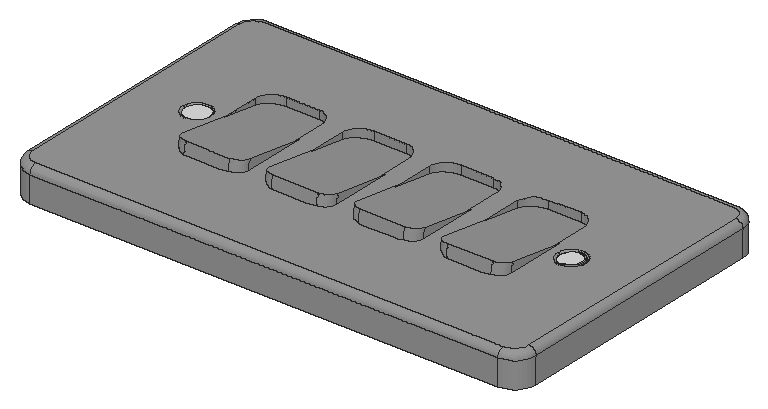
Revit family "ElectricalFixture_WiringAccessories_Hager_Sollysta_4Gang", category Lighting Fixtures, host Face, Revit 2015
Parameters (values of type "WMPS42")
  Warranty ID = ""
  Voltage (Volts) = "230V/240V"
  Unique Reference = Product Model Number  # "WMPS42"
  Type = "ElectricalFixture"
  Technical Description = Description  # "10AX 4 Gang 2 Way Wall Switch"
  Switch = yes
  Supply Phase = "1"
  Size = ""
  Shipping Weight kg = "0.188"
  Shape = "Rectangular"
  Reference Standard = "BS 1363-2"
  Product URL = "http://www.hager.co.uk/product-catalogue/wiring-accessories/sollysta/white-moulded/white-moulded-sockets/58428.htm"
  Product Range = "Sollysta"
  Product Model Number = "WMPS42"
  Product Literature = "http://www.hager.co.uk/product-catalogue/wiring-accessories/sollysta/38662.htm"
  Product Group = "WiringAccessories"
  Product Family = "WhiteMouldedSockets_10AXWallSwitches"
  Packaging Recyclable = yes
  Overall Width = Overall Length  # 146.0 mm
  Overall Length = 146.0 mm
  Overall Height = 86.0 mm
  Overall Depth = 26.07 mm
  Operation and Maintenance Manual = ""
  Name = "WhiteMouldedSwitch_10AXWallSwitch_WMPS42"
  Measurement Units = "mm"
  Material = Urea Formaldehyde Thermoset Plastic
  Manufacturer Website = "http://www.hager.co.uk/"
  Manufacturer Country = "United Kingdom"
  Manufacturer = "Hager"
  LED Indicator Switch = no
  Gross Weight kg = "0.165"
  Frequency = "50/60Hz"
  Finish = "Gloss"
  Features = Description  # "10AX 4 Gang 2 Way Wall Switch"
  Extrusion From Wall = 11.921 mm
  Expected Life = "25 years"
  EAN Code = "5015652260905"
  Design Country = "China"
  Description = "10AX 4 Gang 2 Way Wall Switch"
  Default Elevation = 1219.2 mm
  Colour = "SollystaWhite"
  CE Approval = yes
Reference planes
  plane 1 "Center (Front/Back)": y = 0
  plane 2: z = 0
  plane 3 "Center (Left/Right)": x = 0
  plane 4: y = -43
  plane 5: y = 43
  plane 6: x = -137
  plane 7: x = 9
  plane 8: z = 9.47
  plane 9: z = -16.6
  plane 10: z = 11.921
  plane 11: y = -471.393
  plane 12: z = -20.53
  plane 13: x = -117.651
Forms (mm)
  Extrusion 1, solid, material "Urea Formaldehyde Thermoset Plastic", detail levels fine
    sketch origin (0, 0, 0) x (1, 0, 0) y (0, 1, 0)
      loop
        arc (-137, -37.005) -> (-135.244, -41.244) -> (-131.005, -43) r 5.995
        line (-131.005, -43) -> (2.983, -43)
        arc (2.983, -43) -> (7.238, -41.238) -> (9, -36.983) r 6.017
        line (9, -36.983) -> (9, 37.035)
        arc (9, 37.035) -> (7.253, 41.253) -> (3.035, 43) r 5.965
        line (3.035, 43) -> (-131.018, 43)
        arc (-131.018, 43) -> (-135.248, 41.248) -> (-137, 37.018) r 5.982
        line (-137, 37.018) -> (-137, -37.005)
      loop
        circle (-117.651, 0) r 3.228
      loop
        circle (-10.575, 0) r 3.228
      loop
        line (-91.963, -12.65) -> (-91.963, 12.65)
        arc (-91.963, 12.65) -> (-93.427, 16.186) -> (-96.963, 17.65) r 5
        line (-96.963, 17.65) -> (-106.263, 17.65)
        arc (-106.263, 17.65) -> (-109.799, 16.186) -> (-111.263, 12.65) r 5
        line (-111.263, 12.65) -> (-111.263, -12.65)
        arc (-111.263, -12.65) -> (-109.799, -16.186) -> (-106.263, -17.65) r 5
        line (-106.263, -17.65) -> (-96.963, -17.65)
        arc (-96.963, -17.65) -> (-93.427, -16.186) -> (-91.963, -12.65) r 5
      loop
        line (-66.963, -12.65) -> (-66.963, 12.65)
        arc (-66.963, 12.65) -> (-68.427, 16.186) -> (-71.963, 17.65) r 5
        line (-71.963, 17.65) -> (-81.263, 17.65)
        arc (-81.263, 17.65) -> (-84.799, 16.186) -> (-86.263, 12.65) r 5
        line (-86.263, 12.65) -> (-86.263, -12.65)
        arc (-86.263, -12.65) -> (-84.799, -16.186) -> (-81.263, -17.65) r 5
        line (-81.263, -17.65) -> (-71.963, -17.65)
        arc (-71.963, -17.65) -> (-68.427, -16.186) -> (-66.963, -12.65) r 5
      loop
        line (-41.963, -12.65) -> (-41.963, 12.65)
        arc (-41.963, 12.65) -> (-43.427, 16.186) -> (-46.963, 17.65) r 5
        line (-46.963, 17.65) -> (-56.263, 17.65)
        arc (-56.263, 17.65) -> (-59.799, 16.186) -> (-61.263, 12.65) r 5
        line (-61.263, 12.65) -> (-61.263, -12.65)
        arc (-61.263, -12.65) -> (-59.799, -16.186) -> (-56.263, -17.65) r 5
        line (-56.263, -17.65) -> (-46.963, -17.65)
        arc (-46.963, -17.65) -> (-43.427, -16.186) -> (-41.963, -12.65) r 5
      loop
        line (-16.85, -12.65) -> (-16.85, 12.65)
        arc (-16.85, 12.65) -> (-18.314, 16.186) -> (-21.85, 17.65) r 5
        line (-21.85, 17.65) -> (-31.15, 17.65)
        arc (-31.15, 17.65) -> (-34.686, 16.186) -> (-36.15, 12.65) r 5
        line (-36.15, 12.65) -> (-36.15, -12.65)
        arc (-36.15, -12.65) -> (-34.686, -16.186) -> (-31.15, -17.65) r 5
        line (-31.15, -17.65) -> (-21.85, -17.65)
        arc (-21.85, -17.65) -> (-18.314, -16.186) -> (-16.85, -12.65) r 5
    from 0 to 9.47
  Sweep 2, void
    path origin (0, 0, 0) x (1, 0, 0) y (0, 1, 0)
      loop
        line (-137, 37.018) -> (-137, -37.005)
        arc (-137, -37.005) -> (-135.244, -41.244) -> (-131.005, -43) r 5.995
        line (-131.005, -43) -> (2.983, -43)
        arc (2.983, -43) -> (7.238, -41.238) -> (9, -36.983) r 6.017
        line (9, -36.983) -> (9, 37.035)
        arc (9, 37.035) -> (7.253, 41.253) -> (3.035, 43) r 5.965
        line (3.035, 43) -> (-131.018, 43)
        arc (-131.018, 43) -> (-135.248, 41.248) -> (-137, 37.018) r 5.982
    profile origin (-137, 0.007, 0) x (1, 0, 0) y (0, 0, 1)
      loop
        line (0, 9.47) -> (0, 7.462)
        arc (0, 7.462) -> (0.588, 8.882) -> (2.008, 9.47) r 2.008
        line (2.008, 9.47) -> (0, 9.47)
  Sweep 3, void
    path origin (-6.39, 0, 0) x (1, 0, 0) y (0, 1, 0)
      loop
        circle (-3.9, 0) r 3.228
    profile origin (-10.29, 3.228, 0) x (0, -1, 0) y (0, 0, 1)
      loop
        line (0, 9.47) -> (-0.814, 9.47)
        arc (-0.814, 9.47) -> (-0.347, 9.123) -> (0, 8.656) r 2
        line (0, 8.656) -> (0, 9.47)
  Sweep 4, void
    path origin (0, 0, 0) x (1, 0, 0) y (0, 1, 0)
      loop
        circle (-117.651, 0) r 3.228
    profile origin (-117.651, 3.228, 0) x (0, 1, 0) y (0, 0, 1)
      loop
        line (0, 9.47) -> (0, 8.656)
        arc (0, 8.656) -> (0.346, 9.124) -> (0.814, 9.47) r 1.964
        line (0.814, 9.47) -> (0, 9.47)
  Extrusion 5, solid, material "Steel, Chrome Plated", detail levels fine
    sketch origin (0, 0, 0) x (1, 0, 0) y (0, 1, 0)
      loop
        circle (-117.651, 0) r 3.542
    from -1.167 to 9.196
  Extrusion 6, solid, material "Steel, Chrome Plated", detail levels fine
    sketch origin (-6.484, 0, 0) x (-1, 0, 0) y (0, -1, 0)
      loop
        circle (3.9, 0) r 3.542
    from -1.167 to 9.196
  Extrusion 7, solid, material "Urea Formaldehyde Thermoset Plastic", detail levels medium
    sketch origin (0, 0, 0) x (1, 0, 0) y (0, 1, 0)
      loop
        line (-137, 43) -> (-137, -43) -> (9, -43) -> (9, 43) -> (-137, 43)
    from 0 to 9.47
  Extrusion 8, solid
    sketch origin (-184.202, 0, -1.167) x (0, 1, 0) y (-1, 0, 0)
      loop
        circle (0, -60.15) r 1.2
    from 0 to 19.363
  Extrusion 9, solid
    sketch origin (-6.484, 0, -1.167) x (0, -1, 0) y (1, 0, 0)
      loop
        circle (0, -63.85) r 1.2
    from 0 to 19.363
  Extrusion 10, solid, material "Urea Formaldehyde Thermoset Plastic", detail levels medium
    sketch origin (0, 0, 0) x (1, 0, 0) y (0, 1, 0)
      loop
        line (-137, -43) -> (9, -43) -> (9, 43) -> (-137, 43) -> (-137, -43)
    from 0 to 9.47
  Extrusion 11, solid, material "Urea Formaldehyde Thermoset Plastic", visible <- "Switch", detail levels fine
    sketch origin (-103.161, -20.33, 3.542) x (-1, 0, 0) y (0, -0.987688, 0.156434)
      loop
        line (-86.311, -5.857) -> (-86.311, -33.819)
        arc (-86.311, -33.819) -> (-85.364, -36.106) -> (-83.076, -37.054) r 3.235
        line (-83.076, -37.054) -> (-77.654, -37.054) -> (-72.778, -37.054) -> (-70.319, -37.054)
        arc (-70.319, -37.054) -> (-67.98, -36.085) -> (-67.011, -33.745) r 3.308
        line (-67.011, -33.745) -> (-67.011, -5.943)
        arc (-67.011, -5.943) -> (-67.972, -3.623) -> (-70.292, -2.662) r 3.281
        line (-70.292, -2.662) -> (-83.117, -2.662)
        arc (-83.117, -2.662) -> (-85.376, -3.598) -> (-86.311, -5.857) r 3.194
    from 0 to 9.42
  Extrusion 12, solid, material "Urea Formaldehyde Thermoset Plastic", visible <- "Switch", detail levels fine
    sketch origin (-128.274, -20.33, 3.542) x (-1, 0, 0) y (0, -0.987688, 0.156434)
      loop
        line (-86.311, -5.857) -> (-86.311, -33.819)
        arc (-86.311, -33.819) -> (-85.364, -36.106) -> (-83.076, -37.054) r 3.235
        line (-83.076, -37.054) -> (-77.654, -37.054) -> (-72.778, -37.054) -> (-70.319, -37.054)
        arc (-70.319, -37.054) -> (-67.98, -36.085) -> (-67.011, -33.745) r 3.308
        line (-67.011, -33.745) -> (-67.011, -5.943)
        arc (-67.011, -5.943) -> (-67.972, -3.623) -> (-70.292, -2.662) r 3.281
        line (-70.292, -2.662) -> (-83.117, -2.662)
        arc (-83.117, -2.662) -> (-85.376, -3.598) -> (-86.311, -5.857) r 3.194
    from 0 to 9.42
  Extrusion 13, solid, material "Urea Formaldehyde Thermoset Plastic", visible <- "Switch", detail levels fine
    sketch origin (-153.274, -20.33, 3.542) x (-1, 0, 0) y (0, -0.987688, 0.156434)
      loop
        line (-86.311, -5.857) -> (-86.311, -33.819)
        arc (-86.311, -33.819) -> (-85.364, -36.106) -> (-83.076, -37.054) r 3.235
        line (-83.076, -37.054) -> (-77.654, -37.054) -> (-72.778, -37.054) -> (-70.319, -37.054)
        arc (-70.319, -37.054) -> (-67.98, -36.085) -> (-67.011, -33.745) r 3.308
        line (-67.011, -33.745) -> (-67.011, -5.943)
        arc (-67.011, -5.943) -> (-67.972, -3.623) -> (-70.292, -2.662) r 3.281
        line (-70.292, -2.662) -> (-83.117, -2.662)
        arc (-83.117, -2.662) -> (-85.376, -3.598) -> (-86.311, -5.857) r 3.194
    from 0 to 9.42
  Extrusion 14, solid, material "Urea Formaldehyde Thermoset Plastic", visible <- "Switch", detail levels fine
    sketch origin (-178.274, -20.33, 3.542) x (-1, 0, 0) y (0, -0.987688, 0.156434)
      loop
        line (-86.311, -5.857) -> (-86.311, -33.819)
        arc (-86.311, -33.819) -> (-85.364, -36.106) -> (-83.076, -37.054) r 3.235
        line (-83.076, -37.054) -> (-77.654, -37.054) -> (-72.778, -37.054) -> (-70.319, -37.054)
        arc (-70.319, -37.054) -> (-67.98, -36.085) -> (-67.011, -33.745) r 3.308
        line (-67.011, -33.745) -> (-67.011, -5.943)
        arc (-67.011, -5.943) -> (-67.972, -3.623) -> (-70.292, -2.662) r 3.281
        line (-70.292, -2.662) -> (-83.117, -2.662)
        arc (-83.117, -2.662) -> (-85.376, -3.598) -> (-86.311, -5.857) r 3.194
    from 0 to 9.42
Cuts and joins
  Sweep 2, Sweep 3, Sweep 4 cuts Extrusion 1
Lines and regions (mm)
  symbolic lines, not visible, detail levels coarse
    curve 1: line (73.42, -504.912, 19.451) -> (3.42, -504.912, 19.451)
    curve 2: arc (73.42, -504.912, 19.451) -> (38.42, -504.912, 54.451) -> (3.42, -504.912, 19.451) r 35
    curve 3: circle (38.42, -504.912, 54.451) r 6 normal (0, 1, 0)
    curve 4: line (38.42, -504.912, 54.451) -> (38.42, -504.912, 99.451)
    curve 5: line (38.42, -504.912, 99.451) -> (68.42, -504.912, 99.451)
    curve 6: line (38.42, -504.912, 54.451) -> (10.78, -504.912, 87.391)
    curve 7: line (10.78, -504.912, 87.391) -> (-3.315, -504.912, 75.564)
    curve 8: line (0.509, -504.912, 19.451) -> (-69.491, -504.912, 19.451)
    curve 9: arc (0.509, -504.912, 19.451) -> (-34.491, -504.912, 54.451) -> (-69.491, -504.912, 19.451) r 35
    curve 10: circle (-34.491, -504.912, 54.451) r 6 normal (0, 1, 0)
    curve 11: line (-34.491, -504.912, 54.451) -> (-34.491, -504.912, 99.451)
    curve 12: line (-34.491, -504.912, 99.451) -> (-4.491, -504.912, 99.451)
    curve 13: line (-34.491, -504.912, 54.451) -> (-62.13, -504.912, 87.391)
    curve 14: line (-62.13, -504.912, 87.391) -> (-76.226, -504.912, 75.564)
  model lines, detail levels coarse
    curve 15: line (-137, 43, 0) -> (9, 43, 0)
    curve 16: line (-137, -43, 0) -> (-137, 43, 0)
    curve 17: line (9, -43, 0) -> (-137, -43, 0)
    curve 18: line (9, 43, 0) -> (9, -43, 0)
    curve 19: arc (-113.609, 0, 0) -> (-117.651, -4.042, 0) -> (-121.693, 0, 0) r 4.042
    curve 20: arc (-121.693, 0, 0) -> (-117.651, 4.042, 0) -> (-113.609, 0, 0) r 4.042
    curve 21: arc (-6.342, 0, 0) -> (-10.384, -4.042, 0) -> (-14.426, 0, 0) r 4.042
    curve 22: arc (-14.426, 0, 0) -> (-10.384, 4.042, 0) -> (-6.342, 0, 0) r 4.042
  model lines
    curve 23: line (-96.963, -17.65, 0) -> (-106.263, -17.65, 0)
    curve 24: arc (-106.263, -17.65, 0) -> (-109.799, -16.186, 0) -> (-111.263, -12.65, 0) r 5
    curve 25: line (-111.263, -12.65, 0) -> (-111.263, 12.65, 0)
    curve 26: arc (-111.263, 12.65, 0) -> (-109.799, 16.186, 0) -> (-106.263, 17.65, 0) r 5
    curve 27: line (-106.263, 17.65, 0) -> (-96.963, 17.65, 0)
    curve 28: arc (-96.963, 17.65, 0) -> (-93.427, 16.186, 0) -> (-91.963, 12.65, 0) r 5
    curve 29: line (-91.963, 12.65, 0) -> (-91.963, -12.65, 0)
    curve 30: arc (-91.963, -12.65, 0) -> (-93.427, -16.186, 0) -> (-96.963, -17.65, 0) r 5
    curve 33: line (-86.263, -12.65, 0) -> (-86.263, 12.65, 0)
    curve 34: arc (-86.263, 12.65, 0) -> (-84.799, 16.186, 0) -> (-81.263, 17.65, 0) r 5
    curve 35: line (-81.263, 17.65, 0) -> (-71.963, 17.65, 0)
    curve 36: arc (-71.963, 17.65, 0) -> (-68.427, 16.186, 0) -> (-66.963, 12.65, 0) r 5
    curve 37: line (-66.963, 12.65, 0) -> (-66.963, -12.65, 0)
    curve 38: arc (-66.963, -12.65, 0) -> (-68.427, -16.186, 0) -> (-71.963, -17.65, 0) r 5
    curve 39: line (-71.963, -17.65, 0) -> (-81.263, -17.65, 0)
    curve 40: arc (-81.263, -17.65, 0) -> (-84.799, -16.186, 0) -> (-86.263, -12.65, 0) r 5
    curve 41: line (-61.263, -12.65, 0) -> (-61.263, 12.65, 0)
    curve 42: arc (-61.263, 12.65, 0) -> (-59.799, 16.186, 0) -> (-56.263, 17.65, 0) r 5
    curve 43: line (-56.263, 17.65, 0) -> (-46.963, 17.65, 0)
    curve 44: arc (-46.963, 17.65, 0) -> (-43.427, 16.186, 0) -> (-41.963, 12.65, 0) r 5
    curve 45: line (-41.963, 12.65, 0) -> (-41.963, -12.65, 0)
    curve 46: arc (-41.963, -12.65, 0) -> (-43.427, -16.186, 0) -> (-46.963, -17.65, 0) r 5
    curve 47: line (-46.963, -17.65, 0) -> (-56.263, -17.65, 0)
    curve 48: arc (-56.263, -17.65, 0) -> (-59.799, -16.186, 0) -> (-61.263, -12.65, 0) r 5
    curve 49: line (-36.15, -12.65, 0) -> (-36.15, 12.65, 0)
    curve 50: arc (-36.15, 12.65, 0) -> (-34.686, 16.186, 0) -> (-31.15, 17.65, 0) r 5
    curve 51: line (-31.15, 17.65, 0) -> (-21.85, 17.65, 0)
    curve 52: arc (-21.85, 17.65, 0) -> (-18.314, 16.186, 0) -> (-16.85, 12.65, 0) r 5
    curve 53: line (-16.85, 12.65, 0) -> (-16.85, -12.65, 0)
    curve 54: arc (-16.85, -12.65, 0) -> (-18.314, -16.186, 0) -> (-21.85, -17.65, 0) r 5
    curve 55: line (-21.85, -17.65, 0) -> (-31.15, -17.65, 0)
    curve 56: arc (-31.15, -17.65, 0) -> (-34.686, -16.186, 0) -> (-36.15, -12.65, 0) r 5
  symbolic lines
    curve 31: circle (-25.894, -504.912, 20.162) r 13.061 normal (0, -1, 0)
    curve 32: line (-38.949, -504.912, 20.56) -> (-121.16, -504.912, 20.56)
Dimensions and locks
  plane 10 to plane 9 = 28.521 mm
  plane 8 to plane 9 = 26.07 mm
  plane 2 to plane 9 = 16.6 mm
  "Overall Length": plane 6 to plane 7
  "Overall Height": plane 4 to plane 5
  "Overall Depth": plane 9 to plane 8
  plane 2 to plane 10 = 11.921 mm
  plane 8 to plane 12 = 30.0 mm
  aligned and locked: plane 2 to host face
  aligned and locked: level to host face
  aligned and locked: Extrusion 1 to plane 8
  aligned and locked: Extrusion 7 to plane 8
  aligned and locked: Extrusion 6 to Extrusion 8
  aligned and locked: Extrusion 9 to Extrusion 5
  aligned and locked: plane 12 to Extrusion 9
  aligned and locked: Extrusion 10 to plane 8
  aligned and locked: Extrusion 10 to level
Automatic sketch dimensions
  host sketch curve to host sketch curve = 2438.4 mm  (x2)
  Extrusion 1 sketch curve to plane 6 = 0.0 mm
  plane 5 to Extrusion 1 sketch curve = 0.0 mm
  plane 4 to Extrusion 1 sketch curve = 0.0 mm
  plane 1 "Center (Front/Back)" to Extrusion 1 sketch curve = 0.0 mm  (x2)
  Extrusion 1 sketch curve to plane 13 = 0.0 mm
  Extrusion 1 sketch curve to Extrusion 1 sketch curve = 5.982 mm
  Extrusion 1 sketch curve to plane 4 = 5.995 mm
  plane 13 to Extrusion 1 sketch curve = 6.388 mm
  Extrusion 1 sketch curve to Extrusion 1 sketch curve = 5.0 mm  (x14)
  Extrusion 1 sketch curve to Extrusion 1 sketch curve = 9.3 mm  (x8)
  Extrusion 1 sketch curve to Extrusion 1 sketch curve = 5.7 mm  (x2)
  Extrusion 1 sketch curve to Extrusion 1 sketch curve = 5.813 mm
  Extrusion 1 sketch curve to plane 3 "Center (Left/Right)" = 10.575 mm
  plane 3 "Center (Left/Right)" to Extrusion 1 sketch curve = 2.983 mm
  plane 3 "Center (Left/Right)" to Extrusion 1 sketch curve = 3.035 mm
  plane 7 to Extrusion 1 sketch curve = 0.0 mm
  plane 1 "Center (Front/Back)" to Extrusion 1 sketch curve = 17.65 mm  (x2)
  Extrusion 1 sketch curve to plane 1 "Center (Front/Back)" = 12.65 mm  (x2)
  Extrusion 1 sketch curve to Extrusion 1 sketch curve = 0.0 mm  (x2)
  Sweep 2 sketch curve to plane 6 = 0.0 mm
  plane 5 to Sweep 2 sketch curve = 0.0 mm
  plane 4 to Sweep 2 sketch curve = 0.0 mm
  Sweep 2 sketch curve to Sweep 2 sketch curve = 5.982 mm
  plane 6 to Sweep 2 sketch curve = 5.995 mm
  plane 3 "Center (Left/Right)" to Sweep 2 sketch curve = 2.983 mm
  plane 3 "Center (Left/Right)" to Sweep 2 sketch curve = 3.035 mm
  plane 7 to Sweep 2 sketch curve = 0.0 mm
  plane 1 "Center (Front/Back)" to Sweep 3 sketch curve = 0.0 mm
  Sweep 3 sketch curve to plane 3 "Center (Left/Right)" = 10.29 mm
  Sweep 4 sketch curve to Sweep 4 sketch curve = 0.0 mm  (x2)
  plane 1 "Center (Front/Back)" to Sweep 4 sketch curve = 0.0 mm
  Sweep 4 sketch curve to plane 13 = 0.0 mm
  Sweep 4 sketch curve to Sweep 4 sketch curve = 3.228 mm
  Extrusion 5 sketch curve to Extrusion 5 sketch curve = 0.0 mm  (x2)
  plane 1 "Center (Front/Back)" to Extrusion 5 sketch curve = 0.0 mm
  Extrusion 5 sketch curve to plane 13 = 0.0 mm
  Extrusion 5 sketch curve to plane 13 = 3.542 mm
  Extrusion 6 sketch curve to Extrusion 6 sketch curve = 0.0 mm  (x2)
  plane 1 "Center (Front/Back)" to Extrusion 6 sketch curve = 0.0 mm
  plane 3 "Center (Left/Right)" to Extrusion 6 sketch curve = 10.384 mm
  Extrusion 6 sketch curve to Extrusion 6 sketch curve = 3.542 mm
  plane 4 to Extrusion 7 sketch curve = 0.0 mm
  Extrusion 7 sketch curve to plane 6 = 0.0 mm
  Extrusion 7 sketch curve to plane 7 = 0.0 mm
  plane 5 to Extrusion 7 sketch curve = 0.0 mm
  plane 5 to Extrusion 10 sketch curve = 0.0 mm
  Extrusion 10 sketch curve to plane 6 = 0.0 mm
  Extrusion 10 sketch curve to plane 7 = 0.0 mm
  plane 4 to Extrusion 10 sketch curve = 0.0 mm
  curve 19 to curve 20 = 0.0 mm  (x2)
  curve 21 to curve 22 = 0.0 mm  (x2)
  plane 4 to curve 17 = 0.0 mm
  curve 17 to plane 6 = 0.0 mm
  plane 1 "Center (Front/Back)" to curve 19 = 0.0 mm
  curve 20 to plane 13 = 0.0 mm
  plane 1 "Center (Front/Back)" to curve 21 = 0.0 mm
  curve 17 to plane 7 = 0.0 mm
  plane 5 to curve 16 = 0.0 mm
  curve 22 to plane 3 "Center (Left/Right)" = 10.384 mm
  curve 19 to curve 19 = 4.042 mm
  curve 21 to curve 21 = 4.042 mm
  Extrusion 11 sketch curve to plane 3 "Center (Left/Right)" = 16.85 mm
  Extrusion 11 sketch curve to Extrusion 11 sketch curve = 3.194 mm
  Extrusion 11 sketch curve to Extrusion 11 sketch curve = 3.235 mm
  Extrusion 11 sketch curve to Extrusion 11 sketch curve = 5.422 mm
  Extrusion 11 sketch curve to Extrusion 11 sketch curve = 4.875 mm
  Extrusion 11 sketch curve to Extrusion 11 sketch curve = 2.459 mm
  Extrusion 11 sketch curve to Extrusion 11 sketch curve = 12.824 mm
  Extrusion 11 sketch curve to Extrusion 11 sketch curve = 3.281 mm
  Extrusion 11 sketch curve to Extrusion 11 sketch curve = 27.802 mm
  Extrusion 12 sketch curve to plane 3 "Center (Left/Right)" = 41.963 mm
  Extrusion 12 sketch curve to Extrusion 12 sketch curve = 3.194 mm
  Extrusion 12 sketch curve to Extrusion 12 sketch curve = 3.235 mm
  Extrusion 12 sketch curve to Extrusion 12 sketch curve = 5.422 mm
  Extrusion 12 sketch curve to Extrusion 12 sketch curve = 4.875 mm
  Extrusion 12 sketch curve to Extrusion 12 sketch curve = 2.459 mm
  Extrusion 12 sketch curve to Extrusion 12 sketch curve = 12.824 mm
  Extrusion 12 sketch curve to Extrusion 12 sketch curve = 3.281 mm
  Extrusion 12 sketch curve to Extrusion 12 sketch curve = 27.802 mm
  plane 13 to Extrusion 13 sketch curve = 50.688 mm
  Extrusion 13 sketch curve to Extrusion 13 sketch curve = 3.194 mm
  Extrusion 13 sketch curve to Extrusion 13 sketch curve = 3.235 mm
  Extrusion 13 sketch curve to Extrusion 13 sketch curve = 5.422 mm
  Extrusion 13 sketch curve to Extrusion 13 sketch curve = 4.875 mm
  Extrusion 13 sketch curve to Extrusion 13 sketch curve = 2.459 mm
  Extrusion 13 sketch curve to Extrusion 13 sketch curve = 12.824 mm
  Extrusion 13 sketch curve to Extrusion 13 sketch curve = 3.281 mm
  Extrusion 13 sketch curve to Extrusion 13 sketch curve = 27.802 mm
  plane 13 to Extrusion 14 sketch curve = 25.688 mm
  Extrusion 14 sketch curve to Extrusion 14 sketch curve = 3.194 mm
  Extrusion 14 sketch curve to Extrusion 14 sketch curve = 3.235 mm
  Extrusion 14 sketch curve to Extrusion 14 sketch curve = 5.422 mm
  Extrusion 14 sketch curve to Extrusion 14 sketch curve = 4.875 mm
  Extrusion 14 sketch curve to Extrusion 14 sketch curve = 2.459 mm
  plane 13 to Extrusion 14 sketch curve = 9.669 mm
  Extrusion 14 sketch curve to Extrusion 14 sketch curve = 3.281 mm
  Extrusion 14 sketch curve to Extrusion 14 sketch curve = 27.802 mm
  plane 13 to curve 25 = 6.388 mm
  curve 25 to curve 27 = 5.0 mm
  curve 25 to curve 23 = 5.0 mm
  curve 24 to curve 23 = 9.3 mm
  curve 27 to curve 27 = 9.3 mm
  curve 30 to curve 29 = 5.0 mm
  plane 1 "Center (Front/Back)" to curve 23 = 17.65 mm
  curve 25 to plane 1 "Center (Front/Back)" = 12.65 mm
  profile plane to Sweep 2 sketch curve = 0.0 mm
  Sweep 2 sketch curve to Sweep 2 sketch curve = 2.008 mm
  level to Sweep 2 sketch curve = 7.462 mm
  Sweep 3 sketch curve to profile plane = 0.0 mm
  Sweep 3 sketch curve to Sweep 3 sketch curve = 0.814 mm
  profile plane to Sweep 3 sketch curve = 1.761 mm
  level to Sweep 3 sketch curve = 7.709 mm
  Sweep 3 sketch curve to Sweep 3 sketch curve = 0.947 mm
  Sweep 4 sketch curve to profile plane = 0.0 mm
  Sweep 4 sketch curve to profile plane = 0.814 mm
  Sweep 4 sketch curve to profile plane = 1.735 mm
  level to Sweep 4 sketch curve = 7.735 mm
  Sweep 4 sketch curve to Sweep 4 sketch curve = 0.921 mm
  curve 31 to plane 10 = 8.242 mm
  curve 31 to plane 3 "Center (Left/Right)" = 25.894 mm
  curve 32 to curve 31 = 13.055 mm
  curve 32 to plane 13 = 3.509 mm
  curve 32 to plane 10 = 8.639 mm
  curve 30 to curve 33 = 5.7 mm
  curve 33 to curve 35 = 5.0 mm
  curve 33 to curve 40 = 5.0 mm
  curve 40 to curve 39 = 9.3 mm
  curve 34 to curve 36 = 9.3 mm
  curve 36 to curve 37 = 5.0 mm
  plane 1 "Center (Front/Back)" to curve 39 = 17.65 mm
  curve 28 to curve 33 = 0.0 mm
  curve 38 to curve 41 = 5.7 mm
  curve 41 to curve 43 = 5.0 mm
  curve 41 to curve 48 = 5.0 mm
  curve 43 to curve 43 = 9.3 mm
  curve 48 to curve 46 = 9.3 mm
  curve 46 to curve 45 = 5.0 mm
  curve 47 to curve 37 = 5.0 mm
  curve 36 to curve 41 = 0.0 mm
  curve 46 to curve 49 = 5.813 mm
  curve 49 to curve 51 = 5.0 mm
  curve 49 to curve 56 = 5.0 mm
  curve 56 to curve 55 = 9.3 mm
  curve 51 to curve 51 = 9.3 mm
  curve 54 to curve 53 = 5.0 mm
  curve 55 to curve 45 = 5.0 mm
  curve 53 to plane 1 "Center (Front/Back)" = 12.65 mm
  radius of Extrusion 1 sketch curve = 3.228 mm  (x2)
  radius of Sweep 3 sketch curve = 3.228 mm
  radius of Extrusion 8 sketch curve = 1.2 mm
  radius of Extrusion 9 sketch curve = 1.2 mm
Connectors
  electrical at (-64.001, 0.008, 0)
    settings: on cut or joined group of Extrusion 1, Sweep 2, Sweep 3, Sweep 4, index 1, voltage 230 V, apparent load 0 VA, apparent load phase1 0 VA, apparent load phase2 0 VA, apparent load phase3 0 VA, power factor 1, load classification "Other", number of poles 1, system type 31, power factor state 1, is connector primary yes, connector utility no, sub classification motor no, connector description ""
